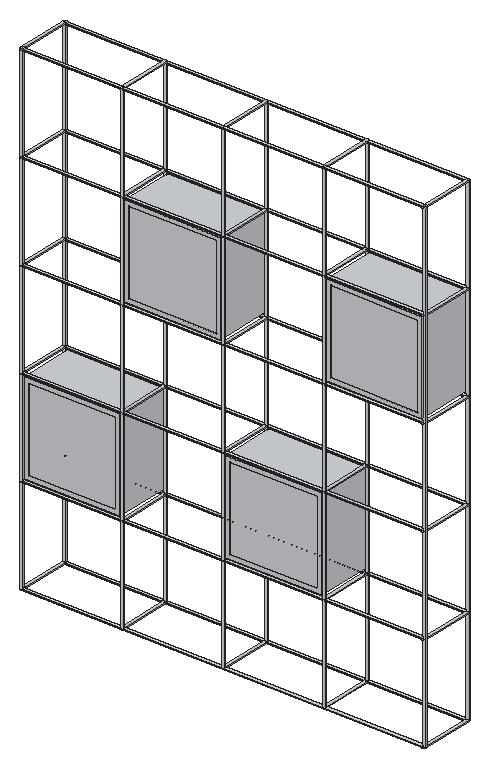
Revit family "Estante de Ferro Industrial", category Mobiliário, Revit 2019
Family settings
  Número OmniClass = 23.40.20.00
  Título OmniClass = General Furniture and Specialties
  Com base no plano de trabalho = Não
  Sempre na vertical = Sim
  Corte com vazios quando carregada = Não
  Compartilhado = Não
  Ponto de cálculo do ambiente = Não
Parameters (values of type "Padrão")
  Profundidade [instance] = 20 cm
  Nicho = none
  Largura [instance] = 150 cm
  Estrutura = none
  Altura [instance] = 180 cm
Types (2, lengths in cm): name | Nicho | Largura | Estrutura | Altura
  Padrão | none | 150 | none | 180
  200 x 200 x 20 | Madeira Nichos | 200 | Ferro Preto | 200
Reference planes (cm)
  plane 1 "Centro (Frente/Trás)": y = 0
  plane 2: z = 0
  plane 3 "Centro (Esquerda/Direita)": x = 0
  plane 4: x = 75
  plane 5: x = -75
  plane 6: y = 10
  plane 7: y = -10
  plane 8: z = 180
  plane 9: z = 36
  plane 10: z = 72
  plane 11: z = 108
  plane 12: z = 144
  plane 13: x = 37.5
  plane 14: x = -37.5
Forms (cm)
  Extrusion 1, solid, material <- "Estrutura"
    sketch origin (14.265, 12.5479, 0) x (1, 0, 0) y (0, 1, 0)
      loop
        circle (-89.265, -22.5479) r 0.5
    from 0 to 180
  Extrusion 2, solid, material <- "Estrutura"
    sketch origin (128.265, 12.5479, 0) x (1, 0, 0) y (0, 1, 0)
      loop
        circle (-53.265, -22.5479) r 0.5
    from 0 to 180
  Extrusion 3, solid, material <- "Estrutura"
    sketch origin (42.765, 12.5479, 0) x (1, 0, 0) y (0, 1, 0)
      loop
        circle (-80.265, -22.5479) r 0.5
    from 0 to 180
  Extrusion 4, solid, material <- "Estrutura"
    sketch origin (71.265, 12.5479, 0) x (1, 0, 0) y (0, 1, 0)
      loop
        circle (-71.265, -22.5479) r 0.5
    from 0 to 180
  Extrusion 5, solid, material <- "Estrutura"
    sketch origin (99.765, 12.5479, 0) x (1, 0, 0) y (0, 1, 0)
      loop
        circle (-62.265, -22.5479) r 0.5
    from 0 to 180
  Extrusion 6, solid, material <- "Estrutura"
    sketch origin (14.265, 32.5479, 0) x (1, 0, 0) y (0, 1, 0)
      loop
        circle (-89.265, -22.5479) r 0.5
    from 0 to 180
  Extrusion 7, solid, material <- "Estrutura"
    sketch origin (128.265, 32.5479, 0) x (1, 0, 0) y (0, 1, 0)
      loop
        circle (-53.265, -22.5479) r 0.5
    from 0 to 180
  Extrusion 8, solid, material <- "Estrutura"
    sketch origin (42.765, 32.5479, 0) x (1, 0, 0) y (0, 1, 0)
      loop
        circle (-80.265, -22.5479) r 0.5
    from 0 to 180
  Extrusion 9, solid, material <- "Estrutura"
    sketch origin (71.265, 32.5479, 0) x (1, 0, 0) y (0, 1, 0)
      loop
        circle (-71.265, -22.5479) r 0.5
    from 0 to 180
  Extrusion 10, solid, material <- "Estrutura"
    sketch origin (99.765, 32.5479, 0) x (1, 0, 0) y (0, 1, 0)
      loop
        circle (-62.265, -22.5479) r 0.5
    from 0 to 180
  Extrusion 11, solid
    sketch origin (0, 0, 0) x (0, 1, 0) y (0, 0, 1)
      loop
        circle (-10, 180) r 0.5
      loop
        circle (10, 180) r 0.5
    from -75 to 75
  Extrusion 12, solid
    sketch origin (0, 0, -210) x (0, 1, 0) y (0, 0, 1)
      loop
        circle (-10, 210) r 0.5
      loop
        circle (10, 210) r 0.5
    from -75 to 75
  Extrusion 13, solid
    sketch origin (0, 0, -174) x (0, 1, 0) y (0, 0, 1)
      loop
        circle (-10, 210) r 0.5
      loop
        circle (10, 210) r 0.5
    from -75 to 75
  Extrusion 14, solid
    sketch origin (0, 0, -136) x (0, 1, 0) y (0, 0, 1)
      loop
        circle (-10, 208) r 0.5
      loop
        circle (10, 208) r 0.5
    from -75 to 75
  Extrusion 15, solid
    sketch origin (0, 0, -88) x (0, 1, 0) y (0, 0, 1)
      loop
        circle (-10, 196) r 0.5
      loop
        circle (10, 196) r 0.5
    from -75 to 75
  Extrusion 16, solid
    sketch origin (0, 0, -50) x (0, 1, 0) y (0, 0, 1)
      loop
        circle (-10, 194) r 0.5
      loop
        circle (10, 194) r 0.5
    from -75 to 75
  Extrusion 17, solid
    sketch origin (0, 0, 0) x (1, 0, 0) y (0, 0, 1)
      loop
        circle (-75, 0) r 0.5
      loop
        circle (-37.5, 0) r 0.5
      loop
        circle (-75, 36) r 0.5
      loop
        circle (-75, 72) r 0.5
      loop
        circle (-75, 108) r 0.5
      loop
        circle (-75, 144) r 0.5
      loop
        circle (-75, 180) r 0.5
      loop
        circle (-37.5, 36) r 0.5
      loop
        circle (-37.5, 72) r 0.5
      loop
        circle (-37.5, 108) r 0.5
      loop
        circle (-37.5, 144) r 0.5
      loop
        circle (-37.5, 180) r 0.5
      loop
        circle (0, 36) r 0.5
      loop
        circle (0, 72) r 0.5
      loop
        circle (0, 108) r 0.5
      loop
        circle (0, 144) r 0.5
      loop
        circle (0, 180) r 0.5
      loop
        circle (37.5, 36) r 0.5
      loop
        circle (37.5, 72) r 0.5
      loop
        circle (37.5, 108) r 0.5
      loop
        circle (37.5, 144) r 0.5
      loop
        circle (37.5, 180) r 0.5
      loop
        circle (75, 36) r 0.5
      loop
        circle (75, 72) r 0.5
      loop
        circle (75, 108) r 0.5
      loop
        circle (75, 144) r 0.5
      loop
        circle (75, 180) r 0.5
      loop
        circle (0, 0) r 0.5
      loop
        circle (37.5, 0) r 0.5
      loop
        circle (75, 0) r 0.5
    from -10 to 10
  Extrusion 18, solid, material <- "Nicho"
    sketch origin (0, 0, 0) x (1, 0, 0) y (0, 0, 1)
      loop
        line (1, 37) -> (36.5, 37) -> (36.5, 71) -> (1, 71) -> (1, 37)
      loop
        line (2.5, 38.5) -> (35, 38.5) -> (35, 69.5) -> (2.5, 69.5) -> (2.5, 38.5)
    from -10 to 10
  Extrusion 19, solid, material <- "Nicho"
    sketch origin (0, 0, 0) x (1, 0, 0) y (0, 0, 1)
      loop
        line (1, 71) -> (1, 37) -> (36.5, 37) -> (36.5, 71) -> (1, 71)
    from 8 to 10
  Extrusion 20, solid, material <- "Nicho"
    sketch origin (-50, 0, 80) x (1, 0, 0) y (0, 0, 1)
      loop
        line (13.5, 29) -> (49, 29) -> (49, 63) -> (13.5, 63) -> (13.5, 29)
      loop
        line (15, 30.5) -> (47.5, 30.5) -> (47.5, 61.5) -> (15, 61.5) -> (15, 30.5)
    from -10 to 10
  Extrusion 21, solid, material <- "Nicho"
    sketch origin (-50, 0, 80) x (1, 0, 0) y (0, 0, 1)
      loop
        line (13.5, 63) -> (13.5, 29) -> (49, 29) -> (49, 63) -> (13.5, 63)
    from 8 to 10
  Extrusion 22, solid, material <- "Nicho"
    sketch origin (50, 0, 80) x (1, 0, 0) y (0, 0, 1)
      loop
        line (-11.5, 29) -> (24, 29) -> (24, 63) -> (-11.5, 63) -> (-11.5, 29)
      loop
        line (-10, 30.5) -> (22.5, 30.5) -> (22.5, 61.5) -> (-10, 61.5) -> (-10, 30.5)
    from -10 to 10
  Extrusion 23, solid, material <- "Nicho"
    sketch origin (50, 0, 80) x (1, 0, 0) y (0, 0, 1)
      loop
        line (-11.5, 63) -> (-11.5, 29) -> (24, 29) -> (24, 63) -> (-11.5, 63)
    from 8 to 10
  Extrusion 24, solid, material <- "Nicho"
    sketch origin (-100, 0, 0) x (1, 0, 0) y (0, 0, 1)
      loop
        line (26, 37) -> (61.5, 37) -> (61.5, 71) -> (26, 71) -> (26, 37)
      loop
        line (27.5, 38.5) -> (60, 38.5) -> (60, 69.5) -> (27.5, 69.5) -> (27.5, 38.5)
    from -10 to 10
  Extrusion 25, solid, material <- "Nicho"
    sketch origin (-100, 0, 0) x (1, 0, 0) y (0, 0, 1)
      loop
        line (26, 71) -> (26, 37) -> (61.5, 37) -> (61.5, 71) -> (26, 71)
    from 8 to 10
Dimensions and locks (cm)
  equal spacing: plane 5, plane 3 "Centro (Esquerda/Direita)", plane 4
  "Largura": plane 5 to plane 4
  equal spacing: plane 6, plane 1 "Centro (Frente/Trás)", plane 7
  "Profundidade": plane 6 to plane 7
  equal spacing: plane 5, Extrusion 3 sketch curve, plane 3 "Centro (Esquerda/Direita)"
  equal spacing: plane 3 "Centro (Esquerda/Direita)", Extrusion 5 sketch curve, plane 4
  equal spacing: plane 5, Extrusion 8 sketch curve, plane 3 "Centro (Esquerda/Direita)"
  equal spacing: plane 3 "Centro (Esquerda/Direita)", Extrusion 10 sketch curve, plane 4
  "Altura": plane 8 to level
  equal spacing: plane 8, plane 12, plane 11, plane 10, plane 9, level
  equal spacing: plane 3 "Centro (Esquerda/Direita)", plane 13, plane 4
  equal spacing: plane 3 "Centro (Esquerda/Direita)", plane 14, plane 5
  locked: Extrusion 19 to Extrusion 19 at 2
  locked: Extrusion 21 to Extrusion 21 at 2
  locked: Extrusion 23 to Extrusion 23 at 2
  locked: Extrusion 25 to Extrusion 25 at 2
  aligned and locked: level to plane 2
  aligned and locked: plane 4 to Extrusion 2 sketch curve
  aligned and locked: plane 7 to Extrusion 2 sketch curve
  aligned and locked: plane 8 to Extrusion 2
  aligned and locked: plane 8 to Extrusion 5
  aligned and locked: plane 8 to Extrusion 4
  aligned and locked: plane 8 to Extrusion 3
  aligned and locked: plane 8 to Extrusion 1
  aligned and locked: plane 8 to Extrusion 7
  aligned and locked: plane 8 to Extrusion 10
  aligned and locked: plane 8 to Extrusion 9
  aligned and locked: plane 8 to Extrusion 8
  aligned and locked: plane 8 to Extrusion 6
  aligned and locked: plane 8 to Extrusion 11 sketch curve  (x2)
  aligned and locked: plane 7 to Extrusion 11 sketch curve
  aligned and locked: plane 6 to Extrusion 11 sketch curve
  aligned and locked: plane 5 to Extrusion 11
  aligned and locked: level to Extrusion 12 sketch curve  (x2)
  aligned and locked: plane 7 to Extrusion 12 sketch curve
  aligned and locked: plane 6 to Extrusion 12 sketch curve
  aligned and locked: Extrusion 11 to plane 4
  aligned and locked: plane 5 to Extrusion 12
  aligned and locked: Extrusion 12 to plane 4
  aligned and locked: plane 12 to Extrusion 16 sketch curve  (x2)
  aligned and locked: plane 7 to Extrusion 16 sketch curve
  aligned and locked: plane 6 to Extrusion 16 sketch curve
  aligned and locked: plane 7 to Extrusion 15 sketch curve
  aligned and locked: plane 11 to Extrusion 15 sketch curve  (x2)
  aligned and locked: plane 6 to Extrusion 15 sketch curve
  aligned and locked: plane 7 to Extrusion 14 sketch curve
  aligned and locked: plane 10 to Extrusion 14 sketch curve  (x2)
  aligned and locked: plane 6 to Extrusion 14 sketch curve
  aligned and locked: plane 9 to Extrusion 13 sketch curve  (x2)
  aligned and locked: plane 7 to Extrusion 13 sketch curve
  aligned and locked: plane 6 to Extrusion 13 sketch curve
  aligned and locked: plane 5 to Extrusion 15
  aligned and locked: plane 5 to Extrusion 16
  aligned and locked: plane 5 to Extrusion 14
  aligned and locked: plane 5 to Extrusion 13
  aligned and locked: Extrusion 16 to plane 4
  aligned and locked: Extrusion 15 to plane 4
  aligned and locked: Extrusion 14 to plane 4
  aligned and locked: Extrusion 13 to plane 4
  aligned and locked: plane 5 to Extrusion 17 sketch curve  (x5)
  aligned and locked: plane 2 to Extrusion 17 sketch curve
  aligned and locked: level to Extrusion 17 sketch curve  (x4)
  aligned and locked: plane 6 to Extrusion 17
  aligned and locked: Extrusion 17 to plane 7
  aligned and locked: plane 8 to Extrusion 17 sketch curve  (x5)
  aligned and locked: plane 12 to Extrusion 17 sketch curve  (x5)
  aligned and locked: plane 11 to Extrusion 17 sketch curve  (x5)
  aligned and locked: plane 10 to Extrusion 17 sketch curve  (x5)
  aligned and locked: plane 3 "Centro (Esquerda/Direita)" to Extrusion 17 sketch curve  (x6)
  aligned and locked: plane 4 to Extrusion 17 sketch curve  (x6)
  aligned and locked: plane 9 to Extrusion 17 sketch curve  (x5)
  aligned and locked: Extrusion 17 sketch curve to plane 13
  aligned and locked: plane 13 to Extrusion 17 sketch curve  (x5)
  aligned and locked: plane 14 to Extrusion 17 sketch curve  (x5)
  aligned and locked: Extrusion 17 sketch curve to plane 14
  aligned and locked: plane 6 to Extrusion 18
  aligned and locked: Extrusion 18 to plane 7
  aligned and locked: Extrusion 19 sketch curve to Extrusion 18  (x4)
  aligned and locked: Extrusion 19 to Extrusion 18
  aligned and locked: Extrusion 21 sketch curve to Extrusion 20  (x4)
  aligned and locked: Extrusion 21 to Extrusion 20
  aligned and locked: Extrusion 23 sketch curve to Extrusion 22  (x4)
  aligned and locked: Extrusion 23 to Extrusion 22
  aligned and locked: Extrusion 25 sketch curve to Extrusion 24  (x4)
  aligned and locked: Extrusion 25 to Extrusion 24
  aligned and locked: plane 6 to Extrusion 22
  aligned and locked: Extrusion 23 to plane 7
  aligned and locked: Extrusion 25 to Extrusion 19
  aligned and locked: Extrusion 20 to Extrusion 22
  aligned and locked: Extrusion 24 to Extrusion 18
  aligned and locked: Extrusion 20 to Extrusion 18
Automatic sketch dimensions
  Extrusion 1 sketch curve to plane 5 = 0 cm
  Extrusion 1 sketch curve to plane 7 = 0 cm
  Extrusion 3 sketch curve to plane 7 = 0 cm
  Extrusion 4 sketch curve to plane 3 "Centro (Esquerda/Direita)" = 0 cm
  Extrusion 4 sketch curve to plane 7 = 0 cm
  Extrusion 5 sketch curve to plane 7 = 0 cm
  Extrusion 6 sketch curve to plane 5 = 0 cm
  Extrusion 6 sketch curve to plane 6 = 0 cm
  Extrusion 7 sketch curve to plane 4 = 0 cm
  plane 6 to Extrusion 7 sketch curve = 0 cm
  Extrusion 8 sketch curve to plane 6 = 0 cm
  Extrusion 9 sketch curve to plane 3 "Centro (Esquerda/Direita)" = 0 cm
  Extrusion 9 sketch curve to plane 6 = 0 cm
  Extrusion 10 sketch curve to plane 6 = 0 cm
  plane 5 to Extrusion 17 sketch curve = 0 cm
  plane 3 "Centro (Esquerda/Direita)" to Extrusion 18 sketch curve = 1 cm
  Extrusion 18 sketch curve to Extrusion 18 sketch curve = 1.5 cm  (x2)
  plane 13 to Extrusion 18 sketch curve = 2.5 cm
  plane 13 to Extrusion 18 sketch curve = 1 cm
  plane 9 to Extrusion 18 sketch curve = 1 cm
  Extrusion 18 sketch curve to plane 10 = 2.5 cm
  Extrusion 18 sketch curve to plane 10 = 1 cm
  Extrusion 20 sketch curve to plane 14 = 1 cm
  Extrusion 20 sketch curve to Extrusion 20 sketch curve = 1.5 cm  (x2)
  Extrusion 20 sketch curve to plane 3 "Centro (Esquerda/Direita)" = 2.5 cm
  Extrusion 20 sketch curve to plane 3 "Centro (Esquerda/Direita)" = 1 cm
  plane 11 to Extrusion 20 sketch curve = 1 cm
  Extrusion 20 sketch curve to plane 12 = 2.5 cm
  Extrusion 20 sketch curve to plane 12 = 1 cm
  Extrusion 22 sketch curve to plane 13 = 1 cm
  Extrusion 22 sketch curve to Extrusion 22 sketch curve = 1.5 cm  (x2)
  plane 4 to Extrusion 22 sketch curve = 2.5 cm
  plane 4 to Extrusion 22 sketch curve = 1 cm
  plane 11 to Extrusion 22 sketch curve = 1 cm
  Extrusion 22 sketch curve to plane 12 = 2.5 cm
  Extrusion 22 sketch curve to plane 12 = 1 cm
  Extrusion 24 sketch curve to plane 5 = 1 cm
  Extrusion 24 sketch curve to Extrusion 24 sketch curve = 1.5 cm  (x2)
  plane 14 to Extrusion 24 sketch curve = 2.5 cm
  plane 14 to Extrusion 24 sketch curve = 1 cm
  plane 9 to Extrusion 24 sketch curve = 1 cm
  Extrusion 24 sketch curve to plane 10 = 2.5 cm
  Extrusion 24 sketch curve to plane 10 = 1 cm
  radius of Extrusion 1 sketch curve = 0.5 cm
  radius of Extrusion 2 sketch curve = 0.5 cm
  radius of Extrusion 3 sketch curve = 0.5 cm
  radius of Extrusion 4 sketch curve = 0.5 cm
  radius of Extrusion 5 sketch curve = 0.5 cm
  radius of Extrusion 6 sketch curve = 0.5 cm
  radius of Extrusion 7 sketch curve = 0.5 cm
  radius of Extrusion 8 sketch curve = 0.5 cm
  radius of Extrusion 9 sketch curve = 0.5 cm
  radius of Extrusion 10 sketch curve = 0.5 cm
  radius of Extrusion 11 sketch curve = 0.5 cm  (x2)
  radius of Extrusion 12 sketch curve = 0.5 cm  (x2)
  radius of Extrusion 13 sketch curve = 0.5 cm  (x2)
  radius of Extrusion 14 sketch curve = 0.5 cm  (x2)
  radius of Extrusion 15 sketch curve = 0.5 cm  (x2)
  radius of Extrusion 16 sketch curve = 0.5 cm  (x2)
  radius of Extrusion 17 sketch curve = 0.5 cm  (x30)
